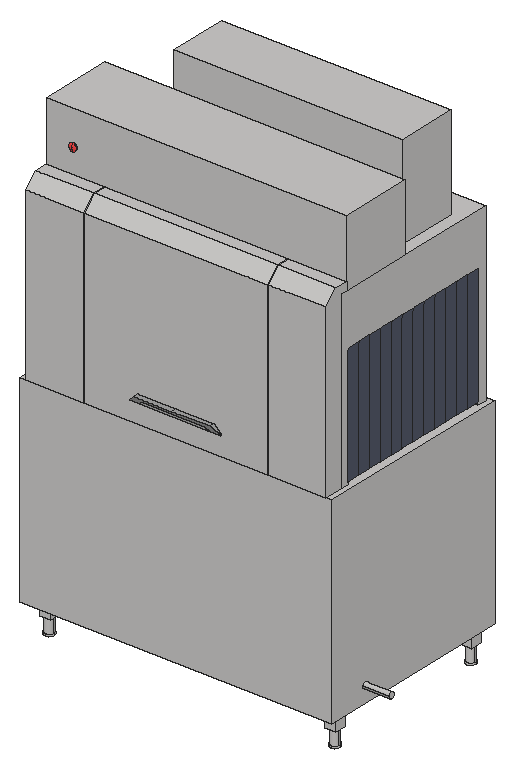
Revit family "QF_ELECTROLUXPROFESSIONAL_520424_ESR20EL6", category Specialty Equipment, Revit 2018
Family settings
  Round Connector Dimension = Use Diameter
  Part Type = Normal
  Work Plane-Based = No
  Always vertical = Yes
  Cut with Voids When Loaded = No
  Shared = No
  Room Calculation Point = No
Parameters
  Weight = 258.00 kg
  Watts = 0 W
  Volts = 0 V
  URL Manufacturer = ""
  URL = ""
  Steam Supply Size = 0 mm
  Steam Supply Minimum Pressure = 0.0 Pa
  Steam Supply Maximum Pressure = 0.0 Pa
  Steam Pounds per Hour = 0
  Show Clearance [instance] = yes
  Refrigeration Suction Line Size = 0 mm
  Refrigeration Liquid Line Size = 0 mm
  Refrigerant Compressor Remote = yes
  Manufacturer = ""
  Phase = 0
  Model = ""
  Length Actual = 1148 mm  # constant formula
  L_R [instance] = yes
  Item Number = ""
  Hot Water Size = 0 mm
  Height Actual = 1846 mm  # constant formula
  HP = "61.7 HP"
  Gas Size = 0 mm
  Gas KW = 0
  Gas Input Pressure = 0 W
  Direct Waste Size = 50.8 mm
  Description = ""
  Depth Actual = 800 mm  # constant formula
  Cycle = 0 Hz
  Condensate Return Size = 0 mm
  Compressed Air Volume = 0.0 L/s
  Compressed Air Size = 0 mm
  Compressed Air Pressure = 0.0 Pa
  Cold Water Size = 0 mm
  Accessory = yes
Types (2, lengths in mm): name | Volts | URL Manufacturer | URL | Manufacturer | Phase | Model | Item Number | Description | Cycle
  (no name) | 0 V | "" | "" | "" | 0 | "" | "" | "" | 0 Hz
  Standard | 380 V | "http://professional.electrolux.com" | "http://professional.electrolux.com" | "Electrolux Professional" | 3 | "ESR20EL6" | "520424" | "SINGLE RINSE RACK TYPE DISHWASHER,200 RACKS/HOUR,ELECTRIC,L>R,380-400V/60HZ/3N" | 60 Hz
Reference planes
  plane 1 "Centro (Fronte/Retro)": y = 0
  plane 2: z = 0
  plane 3 "Centro (Sinistra/Destra)": x = 0
  plane 4 "LEFT": x = -574
  plane 5 "RIGHT": x = 574
  plane 6 "BACK": y = 384
  plane 7 "FRONT": y = -384
  plane 8: z = 120
  plane 9: z = 1747
  plane 10: z = 858
  plane 11: z = 1501
  plane 12: z = 1846
  plane 13: x = -526
  plane 14: x = 526
  plane 15: y = -290
  plane 16: y = 336
  plane 17: y = 369
  plane 18: x = -553
  plane 19: x = 553
  plane 20: y = -318
  plane 21: x = -338
  plane 22: x = 338
  plane 23: z = 1308
  plane 24: z = 2000
  plane 25: y = 464
Forms (mm)
  Extrusion 1, solid, material "QF_Finishes_Stainless Steel"
    sketch origin (0, 0, 0) x (1, 0, 0) y (0, 1, 0)
      loop
        line (-574, 384) -> (-574, -364) -> (574, -364) -> (574, 384) -> (-574, 384)
    from 120 to 858
  Extrusion 2, solid, material "QF_Finishes_Stainless Steel"
    sketch origin (0, 0, 0) x (1, 0, 0) y (0, 1, 0)
      loop
        line (-553, 369) -> (-553, -298) -> (553, -298) -> (553, 369) -> (-553, 369)
    from 858 to 1501
  Extrusion 3, solid, material "QF_Finishes_Stainless Steel"
    sketch origin (0, 20, 0) x (0, 1, 0) y (0, 0, 1)
      loop
        line (-384, 858) -> (-318, 858) -> (-318, 1501) -> (-290, 1501) -> (-290, 1531) -> (-340, 1531) -> (-384, 1487) -> (-384, 858)
    from -553 to -338
  Extrusion 4, solid, material "QF_Finishes_Stainless Steel"
    sketch origin (500, 20, 0) x (0, 1, 0) y (0, 0, 1)
      loop
        line (-384, 858) -> (-318, 858) -> (-318, 1501) -> (-290, 1501) -> (-290, 1531) -> (-340, 1531) -> (-384, 1487) -> (-384, 858)
    from -162 to 53
  Extrusion 5, solid, material "QF_Finishes_Stainless Steel"
    sketch origin (540, 20, 0) x (0, 1, 0) y (0, 0, 1)
      loop
        line (-384, 858) -> (-318, 858) -> (-318, 1501) -> (-290, 1501) -> (-290, 1531) -> (-340, 1531) -> (-384, 1487) -> (-384, 858)
    from -878 to -202
  Extrusion 6, solid, material "QF_Finishes_Gray"
    sketch origin (540, -364, 858) x (0, 0, 1) y (-1, 0, 0)
      loop
        line (100, 540) -> (100, 680) -> (71.716, 708.284) -> (71.716, 371.716) -> (100, 400) -> (100, 540)
    from 0 to 20
  Extrusion 7, void
    sketch origin (540, -384, 858) x (0, 0, -1) y (-1, 0, 0)
      loop
        line (-71.716, 670) -> (-85.858, 655.858) -> (-85.858, 540) -> (-85.858, 424.142) -> (-71.716, 410) -> (-71.716, 670)
    from 0 to 15.552
  Extrusion 8, void
    sketch origin (0, 0, 0) x (0, 1, 0) y (0, 0, 1)
      loop
        line (-368.448, 929.716) -> (-384, 958) -> (-384, 929.716) -> (-368.448, 929.716)
    from -266.002 to 250
  Extrusion 9, solid, material "QF_Finishes_Stainless Steel"
    sketch origin (0, 0, 0) x (1, 0, 0) y (0, 1, 0)
      loop
        line (-553, -270) -> (553, -270) -> (553, 0) -> (-553, 0) -> (-553, -270)
    from 1501 to 1747
  Revolve 10, solid, material "QF_Finishes_Red"
    sketch origin (-450, 0, 0) x (0, 1, 0) y (0, 0, 1)
      loop
        line (-270, 1624.5) -> (-270, 1629.5) -> (-275.578, 1629.5) -> (-275.578, 1638.673) -> (-276.708, 1638.673)
        arc (-276.708, 1638.673) -> (-279.647, 1631.859) -> (-280.606, 1624.5) r 26.817
        line (-280.606, 1624.5) -> (-270, 1624.5)
      axis (-270, 1624.5) -> (-280.606, 1624.5)
    angle from 0 to 360
  Extrusion 11, solid, material "QF_Finishes_Stainless Steel"
    sketch origin (0, 0, 0) x (1, 0, 0) y (0, 1, 0)
      loop
        line (509, 42) -> (509, 265) -> (-334, 265) -> (-334, 42) -> (509, 42)
    from 1501 to 1846
  Extrusion 12, void
    sketch origin (-553, -318, 0) x (0, -1, 0) y (0, 0, -1)
      loop
        line (-654, -1308) -> (-53, -1308) -> (-53, -858) -> (-654, -858) -> (-654, -1308)
    from 0 to 1106
  Extrusion 13, solid, material "QF_Finishes_Navy Blue"
    sketch origin (-553, -318, 0) x (0, 1, 0) y (0, 0, -1)
      loop
        line (653, -1308) -> (653, -868) -> (604, -868) -> (604, -1308) -> (653, -1308)
      loop
        line (53, -1308) -> (102, -1308) -> (102, -868) -> (53, -868) -> (53, -1308)
      loop
        line (602, -868) -> (554, -868) -> (554, -1308) -> (602, -1308) -> (602, -868)
      loop
        line (552, -868) -> (504, -868) -> (504, -1308) -> (552, -1308) -> (552, -868)
      loop
        line (502, -868) -> (454, -868) -> (454, -1308) -> (502, -1308) -> (502, -868)
      loop
        line (452, -868) -> (404, -868) -> (404, -1308) -> (452, -1308) -> (452, -868)
      loop
        line (402, -868) -> (354, -868) -> (354, -1308) -> (402, -1308) -> (402, -868)
      loop
        line (352, -868) -> (304, -868) -> (304, -1308) -> (352, -1308) -> (352, -868)
      loop
        line (302, -868) -> (254, -868) -> (254, -1308) -> (302, -1308) -> (302, -868)
      loop
        line (252, -868) -> (204, -868) -> (204, -1308) -> (252, -1308) -> (252, -868)
      loop
        line (202, -868) -> (154, -868) -> (154, -1308) -> (202, -1308) -> (202, -868)
      loop
        line (152, -868) -> (104, -868) -> (104, -1308) -> (152, -1308) -> (152, -868)
    from 0 to -3
  Extrusion 14, solid, material "QF_Finishes_Navy Blue"
    sketch origin (553, -318, 0) x (0, 1, 0) y (0, 0, 1)
      loop
        line (653, 1308) -> (604, 1308) -> (604, 868) -> (653, 868) -> (653, 1308)
      loop
        line (53, 1308) -> (53, 868) -> (102, 868) -> (102, 1308) -> (53, 1308)
      loop
        line (602, 868) -> (602, 1308) -> (554, 1308) -> (554, 868) -> (602, 868)
      loop
        line (552, 868) -> (552, 1308) -> (504, 1308) -> (504, 868) -> (552, 868)
      loop
        line (502, 868) -> (502, 1308) -> (454, 1308) -> (454, 868) -> (502, 868)
      loop
        line (452, 868) -> (452, 1308) -> (404, 1308) -> (404, 868) -> (452, 868)
      loop
        line (402, 868) -> (402, 1308) -> (354, 1308) -> (354, 868) -> (402, 868)
      loop
        line (352, 868) -> (352, 1308) -> (304, 1308) -> (304, 868) -> (352, 868)
      loop
        line (302, 868) -> (302, 1308) -> (254, 1308) -> (254, 868) -> (302, 868)
      loop
        line (252, 868) -> (252, 1308) -> (204, 1308) -> (204, 868) -> (252, 868)
      loop
        line (202, 868) -> (202, 1308) -> (154, 1308) -> (154, 868) -> (202, 868)
      loop
        line (152, 868) -> (152, 1308) -> (104, 1308) -> (104, 868) -> (152, 868)
    from 0 to -3
  Extrusion 15, solid, material "QF_Door-Drawer Clearances", visible <- "Show Clearance", detail levels coarse
    sketch origin (453, -119.301, 494.86) x (0, 1, 0) y (0, 0, 1)
      loop
        line (-178.699, 1036.14) -> (-178.699, 1475.14) -> (-150.699, 1475.14) -> (-150.699, 1505.14) -> (-200.699, 1505.14) -> (-244.699, 1461.14) -> (-244.699, 992.14) -> (-200.699, 1036.14) -> (-178.699, 1036.14)
    from -791 to -115
  Extrusion 16, solid, material "QF_Clearance", visible <- "Show Clearance", detail levels coarse
    sketch origin (0, 0, 0) x (1, 0, 0) y (0, 1, 0)
      loop
        line (-574, 384) -> (574, 384) -> (574, 464) -> (-574, 464) -> (-574, 384)
    from 0 to 1846
  Extrusion 17, solid, material "QF_Finishes_Stainless Steel"
    sketch origin (-553, -318, 0) x (0, 1, 0) y (0, 0, -1)
      loop
        circle (104, -183) r 10
    from 21 to 121
  Extrusion 18, solid, material "QF_Finishes_Stainless Steel"
    sketch origin (553, -318, 0) x (0, 1, 0) y (0, 0, 1)
      loop
        circle (104, 183) r 10
    from 21 to 121
  Extrusion 19, solid, material "QF_Finishes_Stainless Steel"
    sketch origin (487.887, 0, -4.4) x (-1, 0, 0) y (0, 0, 1)
      loop
        circle (943.887, 1646.362) r 10
    from 0 to 35
  Extrusion 20, solid, material "QF_Finishes_Stainless Steel"
    sketch origin (-335, 265, 6.038) x (1, 0, 0) y (0, 0, -1)
      loop
        circle (204, -1740.962) r 10
    from 0 to 10
Cuts and joins
  Extrusion 7, Extrusion 12 cuts Extrusion 2
  Extrusion 7 cuts Extrusion 5
  Extrusion 7, Extrusion 8 cuts Extrusion 6
  Extrusion 12 cuts Extrusion 1
Lines and regions (mm)
  Split face 1
    outline origin (-553, -270, 0) x (1, 0, 0) y (0, 0, 1)
      loop
        line (215, 1501) -> (215, 1747)
      loop
        line (891, 1501) -> (891, 1747)
  Split face 2
    outline origin (-553, -270, 0) x (1, 0, 0) y (0, 0, 1)
      loop
        line (215, 1651) -> (310, 1651) -> (348.837, 1604.716) -> (553, 1604.716) -> (757.163, 1604.716) -> (796, 1651) -> (891, 1651)
  Split face 3
    outline origin (-553, -270, 0) x (1, 0, 0) y (0, 0, 1)
      loop
        line (482.982, 1651) -> (482.982, 1631) -> (512.982, 1631) -> (512.982, 1651) -> (482.982, 1651)
  Split face 4
    outline origin (553, -270, 0) x (-1, 0, 0) y (0, 0, -1)
      loop
        line (455.982, -1651) -> (485.982, -1651) -> (485.982, -1631) -> (455.982, -1631) -> (455.982, -1651)
  symbolic lines
    curve 1: line (-334, 265, 0) -> (509, 265, 0)
    curve 2: line (-334, 42, 0) -> (-334, 265, 0)
    curve 3: line (509, 42, 0) -> (-334, 42, 0)
    curve 4: line (509, 265, 0) -> (509, 42, 0)
    curve 5: line (-574, 384, 0) -> (574, 384, 0)
    curve 6: line (574, 384, 0) -> (574, -364, 0)
    curve 7: line (574, -364, 0) -> (-574, -364, 0)
    curve 8: line (-574, -364, 0) -> (-574, 384, 0)
    curve 9: line (-553, -364, 0) -> (-553, 369, 0)
    curve 10: line (-553, 369, 0) -> (553, 369, 0)
    curve 11: line (553, 369, 0) -> (553, -364, 0)
    curve 12: line (553, -320, 0) -> (-553, -320, 0)
    curve 13: line (-338, -364, 0) -> (-338, -270, 0)
    curve 14: line (-553, -270, 0) -> (553, -270, 0)
    curve 15: line (338, -364, 0) -> (338, -270, 0)
    curve 16: line (526, 0, 0) -> (-553, 0, 0)
    curve 23: line (-168.284, -364, 0) -> (-168.284, -368.448, 0)
    curve 24: line (-168.284, -368.448, 0) -> (-140, -384, 0)
    curve 25: line (-140, -384, 0) -> (140, -384, 0)
    curve 26: line (140, -384, 0) -> (168.284, -368.448, 0)
    curve 27: line (168.284, -368.448, 0) -> (168.284, -364, 0)
  symbolic lines, style "QF_Clearances"
    curve 17: line (-574, 384, 0) -> (-574, 464, 0)
    curve 18: line (-574, 464, 0) -> (574, 464, 0)
    curve 19: line (574, 384, 0) -> (574, 464, 0)
  symbolic lines, style "SpecialityEquipment"
    curve 20: line (100, 129, 0) -> (-100, 129, 0)
  symbolic lines, style "SpecialityEquipment", visible <- "L_R"
    curve 21: line (100, 129, 0) -> (50.207, 87.219, 0)
    curve 22: line (100, 129, 0) -> (50.207, 170.781, 0)
Dimensions and locks
  equal spacing: plane 4 "LEFT", plane 3 "Centro (Sinistra/Destra)", plane 5 "RIGHT"
  plane 4 "LEFT" to plane 5 "RIGHT" = 1148 mm
  equal spacing: plane 6 "BACK", plane 1 "Centro (Fronte/Retro)", plane 7 "FRONT"
  plane 6 "BACK" to plane 7 "FRONT" = 768 mm
  plane 12 to plane 9 to plane 11 to plane 10 to plane 8 to plane 2 = 99 mm, 246 mm, 643 mm, 738 mm, 120 mm
  plane 12 to plane 2 = 1846 mm
  locked: plane 4 "LEFT" to plane 13 at 48
  locked: plane 14 to plane 5 "RIGHT" at 48
  locked: plane 6 "BACK" to plane 16 at 48
  locked: plane 15 to plane 7 "FRONT" at 94
  locked: plane 6 "BACK" to plane 17 at 15
  locked: plane 4 "LEFT" to plane 18 at 21
  locked: plane 19 to plane 5 "RIGHT" at 21
  locked: plane 20 to plane 7 "FRONT" at 66
  locked: plane 21 to plane 18 at 215
  locked: plane 19 to plane 22 at 215
  locked: plane 23 to plane 10 at 450
  plane 24 to plane 2 = 2000 mm
  locked: plane 6 "BACK" to plane 25 at 80
  plane 9 to plane 2 = 1747 mm
  aligned and locked: level to plane 2
  aligned and locked: plane 13 to nested 1
  aligned and locked: nested 1 to plane 15
  aligned and locked: nested 2 to plane 16
  aligned and locked: plane 14 to nested 3
  aligned and locked: nested 4 to plane 16
  aligned and locked: plane 14 to nested 4
  aligned and locked: Extrusion 1 sketch curve to plane 6 "BACK"
  aligned and locked: plane 4 "LEFT" to Extrusion 1 sketch curve
  aligned and locked: Extrusion 1 sketch curve to plane 5 "RIGHT"
  aligned and locked: plane 18 to Extrusion 2 sketch curve
  aligned and locked: Extrusion 2 sketch curve to plane 19
  aligned and locked: Extrusion 2 sketch curve to plane 17
  aligned and locked: Extrusion 3 to plane 18
  aligned and locked: plane 21 to Extrusion 3
  aligned and locked: plane 19 to Extrusion 4
  aligned and locked: Extrusion 4 to plane 22
  aligned and locked: Extrusion 5 to plane 21
  aligned and locked: plane 22 to Extrusion 5
  aligned and locked: Extrusion 2 to Extrusion 3
  aligned and locked: Extrusion 1 to Extrusion 3
  aligned and locked: Extrusion 9 sketch curve to Extrusion 3
  aligned and locked: Extrusion 9 sketch curve to plane 18
  aligned and locked: Extrusion 9 sketch curve to plane 1 "Centro (Fronte/Retro)"
  aligned and locked: plane 19 to Extrusion 12
  aligned and locked: plane 4 "LEFT" to Extrusion 17
  aligned and locked: plane 19 to Extrusion 9
  aligned and locked: Extrusion 16 to plane 25
  aligned and locked: plane 9 to Extrusion 9
Automatic sketch dimensions
  Extrusion 6 sketch curve to plane 3 "Centro (Sinistra/Destra)" = 0 mm
  plane 10 to Extrusion 6 sketch curve = 71.716 mm
  Extrusion 6 sketch curve to Extrusion 6 sketch curve = 28.284 mm  (x3)
  plane 3 "Centro (Sinistra/Destra)" to Extrusion 6 sketch curve = 140 mm
  Extrusion 6 sketch curve to Extrusion 6 sketch curve = 140 mm
  Extrusion 7 sketch curve to Extrusion 6 = 0 mm
  Extrusion 6 to Extrusion 7 sketch curve = 14.142 mm
  Extrusion 6 to Extrusion 7 sketch curve = 27.071 mm
  Extrusion 7 sketch curve to Extrusion 7 sketch curve = 14.142 mm  (x2)
  Extrusion 7 sketch curve to Extrusion 7 sketch curve = 115.858 mm  (x2)
  Split face 2 sketch curve to Split face 2 sketch curve = 38.837 mm  (x2)
  Split face 2 sketch curve to Split face 2 sketch curve = 204.163 mm  (x2)
  Split face 2 sketch curve to Split face 2 sketch curve = 95 mm  (x2)
  Split face 3 sketch curve to Split face 3 sketch curve = 30 mm
  Split face 3 sketch curve to Split face 3 sketch curve = 20 mm
  Split face 4 sketch curve to Split face 4 sketch curve = 30 mm
  Split face 4 sketch curve to Split face 4 sketch curve = 20 mm
  Split face 1 sketch curve to Split face 1 sketch curve = 676 mm
  Split face 1 sketch curve to Split face 1 sketch curve = 0 mm
  Split face 1 sketch curve to Split face 1 sketch curve = 246 mm  (x2)
  Split face 2 sketch curve to Split face 2 sketch curve = 46.284 mm  (x2)
  plane 13 to Extrusion 19 sketch curve = 70 mm
  Extrusion 19 sketch curve to plane 9 = 105.038 mm
  plane 7 "FRONT" to Extrusion 1 sketch curve = 20 mm
  Extrusion 2 sketch curve to plane 15 = 8 mm
  Extrusion 3 sketch curve to plane 10 = 0 mm
  Extrusion 3 sketch curve to plane 11 = 0 mm
  plane 7 "FRONT" to Extrusion 3 sketch curve = 20 mm
  Extrusion 3 sketch curve to plane 20 = 2 mm
  Extrusion 3 sketch curve to plane 15 = 8 mm
  plane 15 to Extrusion 3 sketch curve = 20 mm
  Extrusion 3 sketch curve to plane 11 = 14 mm
  plane 11 to Extrusion 3 sketch curve = 30 mm
  Extrusion 4 sketch curve to plane 10 = 0 mm
  Extrusion 4 sketch curve to plane 11 = 0 mm
  plane 7 "FRONT" to Extrusion 4 sketch curve = 20 mm
  Extrusion 4 sketch curve to plane 20 = 2 mm
  Extrusion 4 sketch curve to plane 15 = 8 mm
  plane 15 to Extrusion 4 sketch curve = 20 mm
  Extrusion 4 sketch curve to plane 11 = 14 mm
  plane 11 to Extrusion 4 sketch curve = 30 mm
  Extrusion 5 sketch curve to plane 10 = 0 mm
  Extrusion 5 sketch curve to plane 11 = 0 mm
  plane 7 "FRONT" to Extrusion 5 sketch curve = 20 mm
  Extrusion 5 sketch curve to plane 20 = 2 mm
  Extrusion 5 sketch curve to plane 15 = 8 mm
  plane 15 to Extrusion 5 sketch curve = 20 mm
  Extrusion 5 sketch curve to plane 11 = 14 mm
  plane 11 to Extrusion 5 sketch curve = 30 mm
  Extrusion 8 sketch curve to plane 7 "FRONT" = 0 mm
  plane 7 "FRONT" to Extrusion 8 sketch curve = 15.552 mm
  plane 10 to Extrusion 8 sketch curve = 71.716 mm
  Extrusion 8 sketch curve to Extrusion 8 sketch curve = 28.284 mm
  Extrusion 9 sketch curve to plane 19 = 0 mm
  plane 15 to Revolve 10 sketch curve = 9.394 mm
  plane 15 to Revolve 10 sketch curve = 13.292 mm
  Revolve 10 sketch curve to Revolve 10 sketch curve = 5.028 mm
  Revolve 10 sketch curve to Revolve 10 sketch curve = 5.578 mm
  Revolve 10 sketch curve to Revolve 10 sketch curve = 16.21 mm
  Revolve 10 sketch curve to plane 9 = 122.5 mm  (x2)
  Revolve 10 sketch curve to Revolve 10 sketch curve = 0.248 mm
  Revolve 10 sketch curve to Revolve 10 sketch curve = 5 mm
  Revolve 10 sketch curve to plane 7 "FRONT" = 66 mm
  Revolve 10 sketch curve to Revolve 10 sketch curve = 0 mm
  plane 21 to Extrusion 11 sketch curve = 4 mm
  Extrusion 11 sketch curve to plane 14 = 17 mm
  Extrusion 11 sketch curve to plane 1 "Centro (Fronte/Retro)" = 42 mm
  Extrusion 11 sketch curve to plane 16 = 71 mm
  Extrusion 2 to Extrusion 12 sketch curve = 0 mm
  Extrusion 12 sketch curve to Extrusion 2 = 33 mm
  Extrusion 2 to Extrusion 12 sketch curve = 33 mm
  Extrusion 12 sketch curve to Extrusion 2 = 193 mm
  Extrusion 2 to Extrusion 13 sketch curve = 10 mm  (x9)
  Extrusion 13 sketch curve to Extrusion 2 = 33 mm
  Extrusion 13 sketch curve to Extrusion 13 sketch curve = 49 mm
  Extrusion 13 sketch curve to Extrusion 13 sketch curve = 2 mm  (x11)
  Extrusion 13 sketch curve to Extrusion 13 sketch curve = 48 mm  (x10)
  Extrusion 2 to Extrusion 13 sketch curve = 34 mm
  Extrusion 13 sketch curve to Extrusion 13 sketch curve = 0 mm  (x13)
  Extrusion 2 to Extrusion 13 sketch curve = 193 mm  (x2)
  Extrusion 14 sketch curve to plane 23 = 0 mm  (x12)
  plane 10 to Extrusion 14 sketch curve = 10 mm  (x9)
  plane 15 to Extrusion 14 sketch curve = 25 mm
  Extrusion 14 sketch curve to Extrusion 14 sketch curve = 49 mm
  Extrusion 14 sketch curve to Extrusion 14 sketch curve = 2 mm  (x11)
  Extrusion 14 sketch curve to Extrusion 14 sketch curve = 48 mm  (x8)
  plane 1 "Centro (Fronte/Retro)" to Extrusion 14 sketch curve = 16 mm
  Extrusion 14 sketch curve to plane 1 "Centro (Fronte/Retro)" = 34 mm
  Extrusion 14 sketch curve to plane 16 = 1 mm
  Extrusion 14 sketch curve to Extrusion 14 sketch curve = 0 mm  (x3)
  Extrusion 15 sketch curve to plane 24 = 0 mm
  plane 7 "FRONT" to Extrusion 15 sketch curve = 20 mm
  Extrusion 15 sketch curve to plane 20 = 2 mm  (x2)
  Extrusion 15 sketch curve to plane 15 = 8 mm
  plane 15 to Extrusion 15 sketch curve = 20 mm
  Extrusion 15 sketch curve to plane 24 = 30 mm
  Extrusion 15 sketch curve to plane 24 = 44 mm
  plane 11 to Extrusion 15 sketch curve = 30 mm
  Extrusion 15 sketch curve to plane 11 = 14 mm
  Extrusion 16 sketch curve to plane 4 "LEFT" = 0 mm
  Extrusion 16 sketch curve to plane 5 "RIGHT" = 0 mm
  Extrusion 16 sketch curve to plane 6 "BACK" = 0 mm
  plane 25 to Extrusion 16 sketch curve = 0 mm
  Extrusion 17 sketch curve to Extrusion 2 = 84 mm
  Extrusion 17 sketch curve to Extrusion 2 = 675 mm
  plane 15 to Extrusion 18 sketch curve = 76 mm
  plane 8 to Extrusion 18 sketch curve = 63 mm
  Extrusion 20 sketch curve to Extrusion 11 = 203 mm
  Extrusion 11 to Extrusion 20 sketch curve = 99 mm
  curve 18 to plane 4 "LEFT" = 0 mm
  curve 12 to plane 18 = 0 mm
  curve 13 to plane 21 = 0 mm
  curve 25 to plane 7 "FRONT" = 0 mm
  curve 15 to plane 22 = 0 mm
  plane 1 "Centro (Fronte/Retro)" to curve 16 = 0 mm
  curve 16 to plane 14 = 0 mm
  plane 17 to curve 11 = 0 mm
  curve 11 to plane 19 = 0 mm
  curve 5 to plane 5 "RIGHT" = 0 mm
  curve 5 to plane 6 "BACK" = 0 mm
  plane 25 to curve 18 = 0 mm
  plane 21 to curve 2 = 4 mm
  plane 7 "FRONT" to curve 24 = 15.552 mm
  curve 24 to plane 3 "Centro (Sinistra/Destra)" = 168.284 mm
  curve 23 to curve 25 = 28.284 mm
  plane 3 "Centro (Sinistra/Destra)" to curve 21 = 100 mm
  plane 3 "Centro (Sinistra/Destra)" to curve 25 = 140 mm
  curve 4 to plane 14 = 17 mm
  curve 2 to plane 1 "Centro (Fronte/Retro)" = 42 mm
  curve 22 to plane 1 "Centro (Fronte/Retro)" = 129 mm
  curve 1 to plane 16 = 71 mm
  curve 20 to plane 3 "Centro (Sinistra/Destra)" = 100 mm
  plane 3 "Centro (Sinistra/Destra)" to curve 22 = 50.207 mm
  plane 3 "Centro (Sinistra/Destra)" to curve 21 = 50.207 mm
  curve 25 to curve 27 = 28.284 mm
  plane 7 "FRONT" to curve 26 = 15.552 mm
  curve 26 to curve 27 = 4.448 mm
  curve 12 to plane 20 = 2 mm
  plane 15 to curve 15 = 20 mm
  curve 21 to curve 20 = 41.781 mm
  curve 20 to curve 22 = 41.781 mm
  radius of Extrusion 19 sketch curve = 10 mm
  radius of Extrusion 17 sketch curve = 10 mm
  radius of Extrusion 18 sketch curve = 10 mm
  radius of Extrusion 20 sketch curve = 10 mm
Nested families
  nested 1: "Foot_40x40_H150" at (-526, -290, 0), type "Foot_40x40_H150"
  nested 2: "Foot_40x40_H150" at (-526, 336, 0), type "Foot_40x40_H150"
  nested 3: "Foot_40x40_H150" at (526, -290, 0), type "Foot_40x40_H150"
  nested 4: "Foot_40x40_H150" at (526, 336, 0), type "Foot_40x40_H150"
Connectors
  piping at (-674, -214, 183), diameter 20
    settings: on Extrusion 17, index 1, connector inside diameter 609.6 mm, connector length 0 mm, flow factor 0, pipe flow 0.0 L/s, pressure drop 0.0 Pa, fitting loss kfactor 0, connector angle 0.00°, fixture units 0, engagement length 0 mm, angle of deflection 0.00°, flow configuration 1, flow direction 2, fitting loss method 0, system type 16, joint type 0, gender type 0, connector reference index -1, connector utility 0, adjustable connector no, is connector primary yes, connector description "Drain"
  piping at (674, -214, 183), diameter 20
    settings: on Extrusion 18, index 2, connector inside diameter 609.6 mm, connector length 0 mm, flow factor 0, pipe flow 0.0 L/s, pressure drop 0.0 Pa, fitting loss kfactor 0, connector angle 0.00°, fixture units 0, engagement length 0 mm, angle of deflection 0.00°, flow configuration 1, flow direction 2, fitting loss method 0, system type 16, joint type 0, gender type 0, connector reference index -1, connector utility 0, adjustable connector no, is connector primary no, connector description "Drain"
  electrical at (-456, 35, 1641.962)
    settings: on Extrusion 19, index 3, voltage 0 V, apparent load 0 VA, apparent load phase1 0 VA, apparent load phase2 0 VA, apparent load phase3 0 VA, power factor 1, load classification "Altro", number of poles 1, system type 30, power factor state 1, is connector primary yes, connector utility no, sub classification motor no, connector description "Electrical"
  piping at (-131, 275, 1747), diameter 609.6
    settings: on Extrusion 20, index 4, connector inside diameter 609.6 mm, connector length 0 mm, flow factor 0, pipe flow 0.0 L/s, pressure drop 0.0 Pa, fitting loss kfactor 0, connector angle 0.00°, fixture units 0, engagement length 0 mm, angle of deflection 0.00°, flow configuration 0, flow direction 0, fitting loss method 0, system type 20, joint type 0, gender type 0, connector reference index -1, connector utility 0, adjustable connector no, is connector primary no, connector description "Cold Water"
Definition of nested family "Foot_40x40_H150"
  Reference planes
    plane 1 "Centro (Fronte/Retro)": y = 0
    plane 2: z = 0
    plane 3 "Centro (Sinistra/Destra)": x = 0
    plane 4: z = 120
  Forms (mm)
    Extrusion 1, solid
      sketch origin (0, 0, 0) x (1, 0, 0) y (0, 1, 0)
        loop
          circle (0, 0) r 18
      from 0 to 5
    Extrusion 2, solid
      sketch origin (0, 0, 5) x (1, 0, 0) y (0, 1, 0)
        loop
          circle (0, 0) r 15
      from 0 to 55
    Extrusion 3, solid
      sketch origin (0, 0, 60) x (1, 0, 0) y (0, 1, 0)
        loop
          line (-20, 20) -> (-20, -20) -> (20, -20) -> (20, 20) -> (-20, 20)
      from 0 to 60
  Dimensions and locks
    aligned and locked: level to plane 2
    aligned and locked: plane 4 to Extrusion 3
    aligned and locked: Extrusion 1 to level
